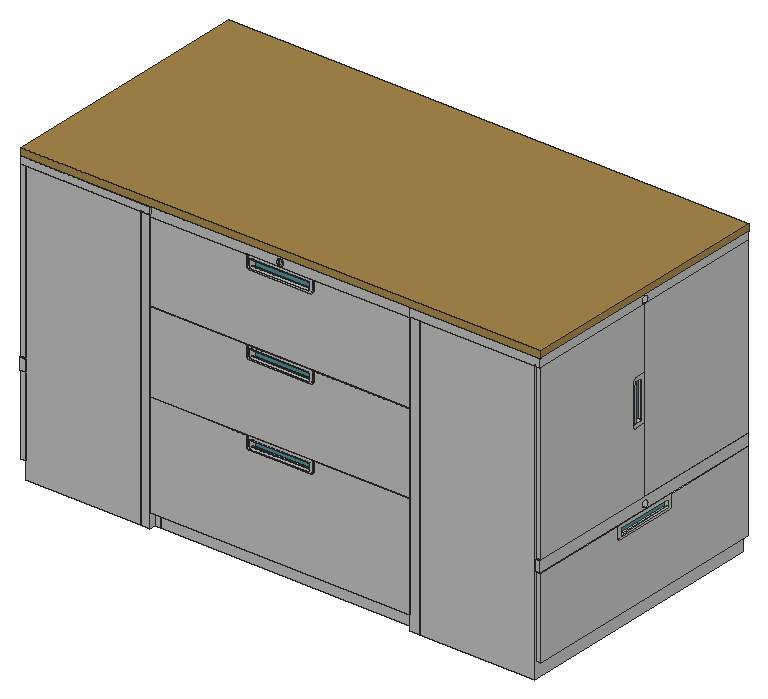
Revit family "Filing_And_Storage-Collaborative_03-Teknion-R2015", category Furniture Systems, Revit 2015
Parameters (values of type "Collaborative 03 - Ledger Plus")
  Warranty = "http://www.teknion.com/ca/papers/legal-canada"
  Unit Weight URL = "http://www.teknion.com/ca/tools/assets#&asset=bee6a381-b954-425e-8283-5a2de3a804f2,f828d448-4b62-4231-9e5f-9a8991c0ed77"
  URL = "www.teknion.com"
  Sustainability Data = "http://www.teknion.com/ca/tools/assets#&topic=216f99a5-57a0-44fc-b10a-9dee9b29ae4c&asset=444deb64-fe58-4b68-981e-f75e97781df7"
  Storage Top Finish [instance] = Foundation Laminate - Teknion - YA - Anigre
  Series = "Ledger Plus"  # constant formula
  Product Page URL = "http://teknionplanningtool.com/#?Collaborative-03-LedgerPlus"
  Product Line = "Filing and Storage"  # constant formula
  Model = "Collaborative 03 - Ledger Plus"  # constant formula
  Manufacturer Phone = "416-661-3370"  # constant formula
  Manufacturer Fax = "416.661.4586"  # constant formula
  Manufacturer Contact Information = "http://www.teknion.com/ca/contactus"
  Manufacturer Address = "1150 Flint Road, Toronto, ON. M3J 2J5. Canada"  # constant formula
  Manufacturer = "Teknion"  # constant formula
  Has Interpret Handle Style [instance] = not(Has District Handle Style)  # yes
  Has District Handle Style [instance] = no
  Handle Interior Finish [instance] = Paint - Teknion - Accent - Mineral Teal
  Handle Exterior Finish [instance] = Paint - Teknion - Foundation - Crisp Grey
  Front Finish [instance] = Paint - Teknion - Foundation - Crisp Grey
  Description = "3'-0\" x 6'-0\""
  Case Finish [instance] = Paint - Teknion - Foundation - Crisp Grey
  Assembly Code = "E2020200"
Reference planes (in)
  plane 1 "Center F/B": y = 0
  plane 2: z = 0
  plane 3 "Center L/R": x = 0
  plane 4 "Top": z = 29
Dimensions and locks (in)
  locked: plane 4 "Top" to level at 29
  aligned and locked: level to plane 2
  aligned and locked: nested 5 to plane 1 "Center F/B"
  aligned and locked: nested 1 to plane 1 "Center F/B"
  aligned and locked: plane 3 "Center L/R" to nested 5
  aligned and locked: nested 1 to plane 3 "Center L/R"
  aligned and locked: nested 3 to nested 5
  aligned and locked: nested 3 to plane 1 "Center F/B"
  aligned and locked: nested 2 to nested 1
  aligned and locked: plane 1 "Center F/B" to nested 2
  aligned and locked: plane 1 "Center F/B" to nested 4
  aligned and locked: plane 3 "Center L/R" to nested 4
Nested families (in)
  nested 1: "Storage-Teknion-PLDBS_Bar_Height_Drawer_Cabinet_Standard-R2015" at (0, 9, 0) x (-1, 0, 0) z (0, 0, 1), Front Finish <- "Front Finish", Has District Handle Style <- "Has District Handle Style", type "Bar Height Drawer Cabinet - Standard"
    with Width 36.000", Top of Top Drawer 11.079", Top of Middle Drawer 11.079", Top of Bottom Drawer 14.279", Lock Finish Stainless Steel, Polished, Has Interpret Handle Style yes, Has District Handle Style no, Handle Interior Finish Paint - Teknion - Accent - Mineral Teal, Handle Exterior Finish Paint - Teknion - Foundation - Crisp Grey, Front Finish Paint - Teknion - Foundation - Crisp Grey, Drawer Combination Choice yes, Drawer Combination "File/File/Extra Large File", District Cutout 7.000", Depth 18.000", Case Finish Paint - Teknion - Foundation - Crisp Grey, Bottom of Top Drawer 0.121", Bottom of Middle Drawer 0.121", Bottom of Bottom Drawer 2.058", Available Widths "24, 30 ,36 , & 42 Inches", Available Depths "18, & 20 Inches"
  nested 2: "Storage-Teknion-PLCS_Combo_Cabinet_Standard-R2015" at (-27, 0, 0) x (0, 1, 0) z (0, 0, 1), Case Finish <- "Case Finish", Front Finish <- "Front Finish", Has District Handle Style <- "Has District Handle Style", type "Freestanding Three- High"
    with Width 36.000", Top Interpret Handle Datum 24.3185", Top District Handle Datum 23.600", Interpret Handle Cutout 2 1.000", Interpret Handle Cutout 12.000", Interpret Bottom Handle no, Has Interpret Handle Style yes, Has District Handle Style no, Handle Interior Finish Paint - Teknion - Accent - Mineral Teal, Handle Exterior Finish Paint - Teknion - Foundation - Crisp Grey, Front Finish Paint - Teknion - Foundation - Crisp Grey, Drawer Split Length 10.000", Drawer Combination Choice yes, Drawer Combination "File", District Bottom Handle no, Depth 18.000", Combination Divider Height 14.956", Case Finish Paint - Teknion - Foundation - Crisp Grey, Available Widths "24, 30, 36, & 42 Inches.", Available Drawer Combination "[checked]=File [un-checked]= Extra Large File", Available Depths "18 & 20 Inches."
  nested 3: "Storage-Teknion-PLCS_Combo_Cabinet_Standard-R2015" at (27, 0, 0) x (0, 1, 0) z (0, 0, 1), Case Finish <- "Case Finish", Front Finish <- "Front Finish", Has District Handle Style <- "Has District Handle Style", type "Freestanding Three- High"
    with Width 36.000", Top Interpret Handle Datum 24.3185", Top District Handle Datum 23.600", Interpret Handle Cutout 2 1.000", Interpret Handle Cutout 12.000", Interpret Bottom Handle no, Has Interpret Handle Style yes, Has District Handle Style no, Handle Interior Finish Paint - Teknion - Accent - Mineral Teal, Handle Exterior Finish Paint - Teknion - Foundation - Crisp Grey, Front Finish Paint - Teknion - Foundation - Crisp Grey, Drawer Split Length 10.000", Drawer Combination Choice yes, Drawer Combination "File", District Bottom Handle no, Depth 18.000", Combination Divider Height 14.956", Case Finish Paint - Teknion - Foundation - Crisp Grey, Available Widths "24, 30, 36, & 42 Inches.", Available Drawer Combination "[checked]=File [un-checked]= Extra Large File", Available Depths "18 & 20 Inches."
  nested 4: "Storage_Top-Teknion-PLST__For_Clusters_With_Or_Without_End_Units-R2015" at (0, 0, 40), Table Top Finish <- "Storage Top Finish", type "2 Back to Back Units With 2 End Units"
    with Width 72.000", Table Top Finish Foundation Laminate - Teknion - YA - Anigre, Depth 36.000", Available Widths "60, 64, 66, 70, 72, 76, 78, 82 inches", Available Depths "36, 40 inches"
  nested 5: "Storage-Teknion-PLDBS_Bar_Height_Drawer_Cabinet_Standard-R2015" at (0, -9, 0) x (-1, 0, 0) z (0, 0, 1), Front Finish <- "Front Finish", Has District Handle Style <- "Has District Handle Style", type "Bar Height Drawer Cabinet - Standard"
    with Width 36.000", Top of Top Drawer 11.079", Top of Middle Drawer 11.079", Top of Bottom Drawer 14.279", Lock Finish Stainless Steel, Polished, Has Interpret Handle Style yes, Has District Handle Style no, Handle Interior Finish Paint - Teknion - Accent - Mineral Teal, Handle Exterior Finish Paint - Teknion - Foundation - Crisp Grey, Front Finish Paint - Teknion - Foundation - Crisp Grey, Drawer Combination Choice yes, Drawer Combination "File/File/Extra Large File", District Cutout 7.000", Depth 18.000", Case Finish Paint - Teknion - Foundation - Crisp Grey, Bottom of Top Drawer 0.121", Bottom of Middle Drawer 0.121", Bottom of Bottom Drawer 2.058", Available Widths "24, 30 ,36 , & 42 Inches", Available Depths "18, & 20 Inches"
Definition of nested family "Storage-Teknion-PLDBS_Bar_Height_Drawer_Cabinet_Standard-R2015"
  Parameters (values of type "Bar Height Drawer Cabinet - Standard")
    Width [instance] = 42.000"
    Warranty = "http://www.teknion.com/ca/papers/legal-canada"
    Unit Weight URL = "http://www.teknion.com/ca/tools/assets#&asset=bee6a381-b954-425e-8283-5a2de3a804f2,f828d448-4b62-4231-9e5f-9a8991c0ed77"
    URL = "www.teknion.com"
    Top of Top Drawer [instance] = if(Drawer Combination Choice, 11.079", 12.679")  # 12.679"
    Top of Middle Drawer [instance] = if(Drawer Combination Choice, 11.079", 12.679")  # 12.679"
    Top of Bottom Drawer [instance] = if(Drawer Combination Choice, 14.279", 11.079")  # 11.079"
    Sustainability Data = "http://www.teknion.com/ca/tools/assets#&topic=216f99a5-57a0-44fc-b10a-9dee9b29ae4c&asset=444deb64-fe58-4b68-981e-f75e97781df7"
    Series = "Ledger Plus"  # constant formula
    Product Page URL = "http://www.teknion.com/ca/products/product-details?productlineid=1293336e-8e7a-673b-a6c8-ff00004460c4"
    Product Line = "Filing and Storage"
    Product Documentation Link = "http://www.teknion.com/pricing/filing-storage/pdfs/PLDBS_ppg.pdf"
    Part Number = "PLDBS"
    Model = "PLDBS_"
    Manufacturer Phone = "416-661-3370"  # constant formula
    Manufacturer Fax = "416.661.4586"  # constant formula
    Manufacturer Contact Information = "http://www.teknion.com/ca/contactus"
    Manufacturer Address = "1150 Flint Road, Toronto, ON. M3J 2J5. Canada"  # constant formula
    Manufacturer = "Teknion"  # constant formula
    Lock Finish [instance] = none
    Height = 40.000"  # constant formula
    Has Interpret Handle Style [instance] = not(Has District Handle Style)  # no
    Has District Handle Style [instance] = yes
    Handle Interior Finish [instance] = none
    Handle Exterior Finish [instance] = none
    Front Finish [instance] = none
    Drawer Combination Choice [instance] = no
    Drawer Combination [instance] = if(Drawer Combination Choice, "File/File/Extra Large File", "Large File/Large File/File")  # "Large File/Large File/File"
    District Cutout [instance] = if(Has Interpret Handle Style, 7.000", 1.000")  # 1.000"
    Description = "Bar Height Drawer Cabinet - 40\" High"
    Depth [instance] = 20.000"
    Case Finish [instance] = none
    Bottom of Top Drawer [instance] = if(Drawer Combination Choice, 0.121", 0.121")  # 0.121"
    Bottom of Middle Drawer [instance] = if(Drawer Combination Choice, 0.121", 0.121")  # 0.121"
    Bottom of Bottom Drawer [instance] = if(Drawer Combination Choice, 2.058", 1.982")  # 1.982"
    Available Widths [instance] = "24, 30 ,36 , & 42 Inches"  # constant formula
    Available Drawer Combination = "[checked]= File/File/Extra Large File [unchecked]= Large File/Large File/ File"  # constant formula
    Available Depths [instance] = "18, & 20 Inches"  # constant formula
    Assembly Code = "E2020200"
  Reference planes (in)
    plane 1 "Center Front/Back": y = 0
    plane 2: z = 0
    plane 3 "Center Left/Right": x = 0
    plane 4 "Left": x = -21
    plane 5 "Right": x = 21
    plane 6 "Back": y = 10
    plane 7 "Front": y = -10
    plane 8 "Top": z = 40
    plane 9 "Left Inner": x = -20.25
    plane 10 "Right Inner": x = 20.25
    plane 11 "Top Underside": z = 38.76
    plane 12 "Drawer back": y = -9.25
    plane 13 "Case Front": y = -9.195
    plane 14 "Bottom Base": z = 1.806
    plane 15: y = 9.25
    plane 16: y = 8.73
    plane 17 "bottom of bottom": z = 1.982
    plane 18 "top of bottom": z = 13.061
    plane 19 "bottom of middle": z = 13.182
    plane 20 "top of middle": z = 25.861
    plane 21 "bottom of top": z = 25.982
    plane 22 "top of top": z = 38.661
    plane 23 "Cutout": y = -15
  Forms (in)
    Extrusion 1, solid, material <- "Case Finish"
      sketch origin (0, 0, 38.76) x (-1, 0, 0) y (0, -1, 0)
        loop
          line (21, -10) -> (21, 10) -> (-21, 10) -> (-21, -10) -> (21, -10)
      from 0 to 1.24
    Extrusion 2, solid, material <- "Case Finish"
      sketch origin (0, 0, 1.806) x (-1, 0, 0) y (0, -1, 0)
        loop
          line (20.25, -9.25) -> (20.25, 9.195) -> (-20.25, 9.195) -> (-20.25, -9.25) -> (20.25, -9.25)
      from 0 to 0.75
    Extrusion 3, solid, material <- "Case Finish"
      sketch origin (0, 0, 0) x (1, 0, 0) y (0, 1, 0)
        loop
          line (-21, 10) -> (-21, 8.73) -> (-20.25, 8.73) -> (-20.25, 9.25) -> (20.25, 9.25) -> (20.25, 8.73) -> (21, 8.73) -> (21, 10) -> (-21, 10)
      from 0 to 38.76
    Extrusion 4, solid, material <- "Case Finish"
      sketch origin (0, 0, 0) x (1, 0, 0) y (0, 1, 0)
        loop
          line (-21, 8.73) -> (-21, -9.195) -> (-20.25, -9.195) -> (-20.25, 8.73) -> (-21, 8.73)
      from 0 to 38.76
    Extrusion 5, solid, material <- "Case Finish"
      sketch origin (0, 0, 0) x (1, 0, 0) y (0, 1, 0)
        loop
          line (20.25, 8.73) -> (20.25, -9.195) -> (21, -9.195) -> (21, 8.73) -> (20.25, 8.73)
      from 0 to 38.76
    Extrusion 6, solid, material <- "Front Finish"
      sketch origin (0, 0, 1.982) x (-1, 0, 0) y (0, -1, 0)
        loop
          line (20.9375, 9.25) -> (20.9375, 10) -> (-20.9375, 10) -> (-20.9375, 9.25) -> (20.9375, 9.25)
      from 0 to 11.079
    Extrusion 7, solid, material <- "Front Finish"
      sketch origin (0, 0, 25.982) x (-1, 0, 0) y (0, -1, 0)
        loop
          line (20.9375, 9.25) -> (20.9375, 10) -> (-20.9375, 10) -> (-20.9375, 9.25) -> (20.9375, 9.25)
      from 12.679 to 0
    Extrusion 8, solid, material <- "Front Finish"
      sketch origin (0, 0, 13.182) x (-1, 0, 0) y (0, -1, 0)
        loop
          line (20.9375, 9.25) -> (20.9375, 10) -> (-20.9375, 10) -> (-20.9375, 9.25) -> (20.9375, 9.25)
      from 0 to 12.679
    Extrusion 9, solid, material <- "Handle Exterior Finish", visible <- "Has District Handle Style"
      sketch origin (0, 0, 0) x (0, 1, 0) y (0, 0, 1)
        loop
          line (-10, 38.22799) -> (-10, 38.661) -> (-10.86603, 38.161) -> (-10.67853, 37.83624)
          arc (-10.67853, 37.83624) -> (-10.34625, 37.93564) -> (-10, 37.91579) r 1.00175
          line (-10, 37.91579) -> (-10, 38.22799)
      from -4.8425 to 4.8425
    Extrusion 10, solid, material <- "Handle Exterior Finish", visible <- "Has District Handle Style"
      sketch origin (0, 0, 0) x (0, 1, 0) y (0, 0, 1)
        loop
          line (-10, 25.42799) -> (-10, 25.861) -> (-10.86603, 25.361) -> (-10.67853, 25.03624)
          arc (-10.67853, 25.03624) -> (-10.34625, 25.13564) -> (-10, 25.11579) r 1.00175
          line (-10, 25.11579) -> (-10, 25.42799)
      from -4.8425 to 4.8425
    Extrusion 11, solid, material <- "Handle Exterior Finish", visible <- "Has District Handle Style"
      sketch origin (0, 0, 0) x (0, 1, 0) y (0, 0, 1)
        loop
          line (-10, 12.62799) -> (-10, 13.061) -> (-10.86603, 12.561) -> (-10.67853, 12.23624)
          arc (-10.67853, 12.23624) -> (-10.34625, 12.33564) -> (-10, 12.31579) r 1.00175
          line (-10, 12.31579) -> (-10, 12.62799)
      from -4.8425 to 4.8425
    Extrusion 12, solid, material <- "Case Finish"
      sketch origin (0, 0, 0) x (1, 0, 0) y (0, 1, 0)
        loop
          line (-20.25, -9.195) -> (20.25, -9.195) -> (20.25, -8.445) -> (-20.25, -8.445) -> (-20.25, -9.195)
      from 0 to 1.806
    Extrusion 13, void
      sketch origin (0, -15, 0) x (-1, 0, 0) y (0, 0, 1)
        loop
          line (4.515, 38.661) -> (-4.515, 38.661) -> (-4.515, 37.246)
          arc (-4.515, 37.246) -> (-4.45642, 37.10458) -> (-4.315, 37.046) r 0.2
          line (-4.315, 37.046) -> (4.315, 37.046)
          arc (4.315, 37.046) -> (4.45642, 37.10458) -> (4.515, 37.246) r 0.2
          line (4.515, 37.246) -> (4.515, 38.661)
      from 0 to 1 <- "District Cutout"
    Extrusion 14, void
      sketch origin (0, -15, 0) x (-1, 0, 0) y (0, 0, 1)
        loop
          line (4.515, 25.861) -> (-4.515, 25.861) -> (-4.515, 24.446)
          arc (-4.515, 24.446) -> (-4.45642, 24.30458) -> (-4.315, 24.246) r 0.2
          line (-4.315, 24.246) -> (4.315, 24.246)
          arc (4.315, 24.246) -> (4.45642, 24.30458) -> (4.515, 24.446) r 0.2
          line (4.515, 24.446) -> (4.515, 25.861)
      from 0 to 1 <- "District Cutout"
    Extrusion 15, void
      sketch origin (0, -15, 0) x (-1, 0, 0) y (0, 0, 1)
        loop
          line (4.515, 13.061) -> (-4.515, 13.061) -> (-4.515, 11.646)
          arc (-4.515, 11.646) -> (-4.45642, 11.50458) -> (-4.315, 11.446) r 0.2
          line (-4.315, 11.446) -> (4.315, 11.446)
          arc (4.315, 11.446) -> (4.45642, 11.50458) -> (4.515, 11.646) r 0.2
          line (4.515, 11.646) -> (4.515, 13.061)
      from 0 to 1 <- "District Cutout"
    Extrusion 16, solid, material <- "Lock Finish"
      sketch origin (0, -10, 0) x (-1, 0, 0) y (0, 0, -1)
        loop
          circle (0, -39.38) r 0.4
        loop
          line (0.06269, -39.60017) -> (0.06269, -39.15983) -> (-0.06269, -39.15983) -> (-0.06269, -39.60017) -> (0.06269, -39.60017)
      from 0.1 to 0
    Extrusion 17, solid, material <- "Handle Exterior Finish", visible <- "Has Interpret Handle Style"
      sketch origin (0, -10, 0) x (-1, 0, 0) y (0, 0, -1)
        loop
          arc (4.618, -37.35393) -> (4.50265, -37.07545) -> (4.22417, -36.9601) r 0.39383
          line (4.22417, -36.9601) -> (-4.12448, -36.9601)
          arc (-4.12448, -36.9601) -> (-4.47345, -37.10465) -> (-4.618, -37.45362) r 0.49352
          line (-4.618, -37.45362) -> (-4.618, -38.7096) -> (4.618, -38.7096) -> (4.618, -37.35393)
      from 0 to 0.044
    Extrusion 18, solid, material <- "Handle Exterior Finish", visible <- "Has Interpret Handle Style"
      sketch origin (0, -10, 0) x (-1, 0, 0) y (0, 0, -1)
        loop
          arc (4.618, -24.55393) -> (4.50265, -24.27545) -> (4.22417, -24.1601) r 0.39383
          line (4.22417, -24.1601) -> (-4.12448, -24.1601)
          arc (-4.12448, -24.1601) -> (-4.47345, -24.30465) -> (-4.618, -24.65362) r 0.49352
          line (-4.618, -24.65362) -> (-4.618, -25.9096) -> (4.618, -25.9096) -> (4.618, -24.55393)
      from 0 to 0.044
    Extrusion 19, solid, material <- "Handle Exterior Finish", visible <- "Has Interpret Handle Style"
      sketch origin (0.01263, -10, 0) x (-1, 0, 0) y (0, 0, -1)
        loop
          arc (4.63063, -11.75393) -> (4.51528, -11.47545) -> (4.2368, -11.3601) r 0.39383
          line (4.2368, -11.3601) -> (-4.11185, -11.3601)
          arc (-4.11185, -11.3601) -> (-4.46082, -11.50465) -> (-4.60537, -11.85362) r 0.49352
          line (-4.60537, -11.85362) -> (-4.60537, -13.1096) -> (4.63063, -13.1096) -> (4.63063, -11.75393)
      from 0 to 0.044
    Extrusion 20, solid, material <- "Handle Exterior Finish", visible <- "Has Interpret Handle Style"
      sketch origin (0, -10, 0) x (-1, 0, 0) y (0, 0, -1)
        loop
          line (4.5315, -38.661) -> (4.5315, -37.5135)
          arc (4.5315, -37.5135) -> (4.39457, -37.18293) -> (4.064, -37.046) r 0.4675
          line (4.064, -37.046) -> (-4.064, -37.046)
          arc (-4.064, -37.046) -> (-4.39457, -37.18293) -> (-4.5315, -37.5135) r 0.4675
          line (-4.5315, -37.5135) -> (-4.5315, -38.661) -> (-4.618, -38.661) -> (-4.618, -38.7096) -> (4.618, -38.7096) -> (4.618, -38.661) -> (4.5315, -38.661)
      from 0 to -0.75
    Extrusion 21, solid, material <- "Handle Exterior Finish", visible <- "Has Interpret Handle Style"
      sketch origin (0, -10, 0) x (-1, 0, 0) y (0, 0, -1)
        loop
          line (4.5315, -25.861) -> (4.5315, -24.7135)
          arc (4.5315, -24.7135) -> (4.39457, -24.38293) -> (4.064, -24.246) r 0.4675
          line (4.064, -24.246) -> (-4.064, -24.246)
          arc (-4.064, -24.246) -> (-4.39457, -24.38293) -> (-4.5315, -24.7135) r 0.4675
          line (-4.5315, -24.7135) -> (-4.5315, -25.861) -> (-4.618, -25.861) -> (-4.618, -25.9096) -> (4.618, -25.9096) -> (4.618, -25.861) -> (4.5315, -25.861)
      from 0 to -0.75
    Extrusion 22, solid, material <- "Handle Exterior Finish", visible <- "Has Interpret Handle Style"
      sketch origin (0.07513, -10, 0) x (-1, 0, 0) y (0, 0, -1)
        loop
          line (4.60663, -13.061) -> (4.60663, -11.9135)
          arc (4.60663, -11.9135) -> (4.4697, -11.58293) -> (4.13914, -11.446) r 0.4675
          line (4.13914, -11.446) -> (-3.98887, -11.446)
          arc (-3.98887, -11.446) -> (-4.31944, -11.58293) -> (-4.45637, -11.9135) r 0.4675
          line (-4.45637, -11.9135) -> (-4.45637, -13.061) -> (-4.54287, -13.061) -> (-4.54287, -13.1096) -> (4.69313, -13.1096) -> (4.69313, -13.061) -> (4.60663, -13.061)
      from 0 to -0.75
    Extrusion 23, void
      sketch origin (0, 0, 0) x (0, 1, 0) y (0, 0, 1)
        loop
          line (-10.044, 37.05743) -> (-9.94181, 37.39503) -> (-9.91434, 37.42866) -> (-9.8833, 37.42472) -> (-9.85079, 37.37697) -> (-9.83665, 37.3436) -> (-9.79356, 37.29987) -> (-9.73867, 37.25897) -> (-9.66568, 37.2233) -> (-9.59017, 37.2017) -> (-9.54276, 37.19801) -> (-9.3409, 37.19589) -> (-9.3409, 38.5242) -> (-9.56257, 38.52149) -> (-9.69401, 38.48491) -> (-9.78341, 38.42854) -> (-9.82935, 38.38649) -> (-9.84769, 38.35404) -> (-9.85605, 38.31657) -> (-9.89655, 38.29306) -> (-10.01601, 38.2941)
          arc (-10.01601, 38.2941) -> (-10.03511, 38.29663) -> (-10.044, 38.31371) r 0.02086
          line (-10.044, 38.31371) -> (-10.044, 37.05743)
      from -4.1195 to 4.1195
    Extrusion 24, void
      sketch origin (0, 0, 0) x (0, 1, 0) y (0, 0, 1)
        loop
          line (-10.044, 24.25743) -> (-9.94181, 24.59503) -> (-9.91434, 24.62866) -> (-9.8833, 24.62472) -> (-9.85079, 24.57697) -> (-9.83665, 24.5436) -> (-9.79356, 24.49987) -> (-9.73867, 24.45897) -> (-9.66568, 24.4233) -> (-9.59017, 24.4017) -> (-9.54276, 24.39801) -> (-9.3409, 24.39589) -> (-9.3409, 25.7242) -> (-9.56257, 25.72149) -> (-9.69401, 25.68491) -> (-9.78341, 25.62854) -> (-9.82935, 25.58649) -> (-9.84769, 25.55404) -> (-9.85605, 25.51657) -> (-9.89655, 25.49306) -> (-10.01601, 25.4941)
          arc (-10.01601, 25.4941) -> (-10.03511, 25.49663) -> (-10.044, 25.51371) r 0.02086
          line (-10.044, 25.51371) -> (-10.044, 24.25743)
      from -4.1195 to 4.1195
    Extrusion 25, void
      sketch origin (0, 0, 0) x (0, 1, 0) y (0, 0, 1)
        loop
          line (-10.044, 11.45743) -> (-9.94181, 11.79503) -> (-9.91434, 11.82866) -> (-9.8833, 11.82472) -> (-9.85079, 11.77697) -> (-9.83665, 11.7436) -> (-9.79356, 11.69987) -> (-9.73867, 11.65897) -> (-9.66568, 11.6233) -> (-9.59017, 11.6017) -> (-9.54276, 11.59801) -> (-9.3409, 11.59589) -> (-9.3409, 12.9242) -> (-9.56257, 12.92149) -> (-9.69401, 12.88491) -> (-9.78341, 12.82854) -> (-9.82935, 12.78649) -> (-9.84769, 12.75404) -> (-9.85605, 12.71657) -> (-9.89655, 12.69306) -> (-10.01601, 12.6941)
          arc (-10.01601, 12.6941) -> (-10.03511, 12.69663) -> (-10.044, 12.71371) r 0.02086
          line (-10.044, 12.71371) -> (-10.044, 11.45743)
      from -4.1195 to 4.1195
  Cuts and joins
    Extrusion 13 cuts Extrusion 7
    Extrusion 14 cuts Extrusion 8
    Extrusion 15 cuts Extrusion 6
    Extrusion 23 cuts Extrusion 17
    Extrusion 23 cuts Extrusion 20
    joined: Extrusion 17, Extrusion 20
    Extrusion 24 cuts Extrusion 18
    Extrusion 24 cuts Extrusion 21
    joined: Extrusion 18, Extrusion 21
    Extrusion 25 cuts Extrusion 19
    Extrusion 25 cuts Extrusion 22
    joined: Extrusion 19, Extrusion 22
  Lines and regions (in)
    Masking region 1
      outline origin (0, 0, 0) x (1, 0, 0) y (0, 1, 0)
        loop
          line (-21, 10) -> (-21, -10) -> (21, -10) -> (21, 10) -> (-21, 10)
    Masking region 2, visible <- "Has Interpret Handle Style"
      outline origin (0, 0, 0) x (1, 0, 0) y (0, 1, 0)
        loop
          line (-4.618, -10.044) -> (4.66784, -10.044) -> (4.66784, -10) -> (-4.618, -10) -> (-4.618, -10.044)
    Masking region 3, visible <- "Has District Handle Style"
      outline origin (0, 0, 0) x (1, 0, 0) y (0, 1, 0)
        loop
          line (-4.8425, -10) -> (-4.8425, -10.86603) -> (4.8425, -10.86603) -> (4.8425, -10) -> (-4.8425, -10)
    Masking region 4
      outline origin (0, 0, 0) x (1, 0, 0) y (0, 1, 0)
        loop
          line (-0.40074, -10) -> (-0.40074, -10.1) -> (0.39926, -10.1) -> (0.39926, -10) -> (-0.40074, -10)
    symbolic lines, detail levels medium+fine
      curve 1: line (-20.9375, -10, 0) -> (-20.9375, -9.25, 0)
      curve 2: line (-20.9375, -9.25, 0) -> (20.9375, -9.25, 0)
      curve 3: line (20.9375, -9.25, 0) -> (20.9375, -10, 0)
      curve 4: line (20.25, -9.195, 0) -> (20.25, 9.25, 0)
      curve 5: line (20.25, 9.25, 0) -> (-20.25, 9.25, 0)
      curve 6: line (-20.25, 9.25, 0) -> (-20.25, -9.195, 0)
      curve 7: line (-20.25, -8.445, 0) -> (20.25, -8.445, 0)
      curve 8: line (-21, 8.73, 0) -> (-20.25, 8.73, 0)
      curve 9: line (20.25, 8.73, 0) -> (21, 8.73, 0)
    symbolic lines, visible <- "Has Interpret Handle Style", detail levels medium+fine
      curve 10: line (-4.618, -9.25, 0) -> (-4.618, -10, 0)
      curve 11: line (4.618, -9.25, 0) -> (4.618, -10, 0)
    symbolic lines
      curve 12: line (-0.40074, -10, 0) -> (-0.40074, -10.1, 0)
      curve 13: line (-0.40074, -10.1, 0) -> (0.39926, -10.1, 0)
      curve 14: line (0.39926, -10.1, 0) -> (0.39926, -10, 0)
    symbolic lines, visible <- "Has Interpret Handle Style", detail levels fine
      curve 15: line (-4.1195, -10.044, 0) -> (-4.1195, -9.3409, 0)
      curve 16: line (-4.1195, -9.3409, 0) -> (4.1195, -9.3409, 0)
      curve 17: line (4.1195, -9.3409, 0) -> (4.1195, -10.044, 0)
    reference lines, not visible
      curve 18: line (-21, 10, 0) -> (21, 10, 0)
      curve 19: line (21, 10, 0) -> (21, -10, 0)
      curve 20: line (21, -10, 0) -> (-21, -10, 0)
      curve 21: line (-21, 10, 0) -> (-21, -10, 0)
  Dimensions and locks (in)
    "Width": plane 4 "Left" to plane 5 "Right"
    "Depth": plane 6 "Back" to plane 7 "Front"
    "Height": plane 8 "Top" to level
    equal spacing: plane 6 "Back", plane 1 "Center Front/Back", plane 7 "Front"
    equal spacing: plane 4 "Left", plane 3 "Center Left/Right", plane 5 "Right"
    locked: plane 9 "Left Inner" to plane 4 "Left" at 0.75
    locked: plane 5 "Right" to plane 10 "Right Inner" at 0.75
    locked: plane 8 "Top" to plane 11 "Top Underside" at 1.24
    locked: plane 7 "Front" to plane 12 "Drawer back" at 0.75
    locked: plane 13 "Case Front" to plane 12 "Drawer back" at 0.055
    plane 14 "Bottom Base" to level = 1.806"
    locked: plane 6 "Back" to plane 16 at 1.27
    locked: plane 6 "Back" to plane 15 at 0.75
    "Bottom of Bottom Drawer": plane 17 "bottom of bottom" to level
    "Top of Bottom Drawer": plane 18 "top of bottom" to plane 17 "bottom of bottom"
    "Bottom of Middle Drawer": plane 19 "bottom of middle" to plane 18 "top of bottom"
    "Top of Middle Drawer": plane 20 "top of middle" to plane 19 "bottom of middle"
    "Bottom of Top Drawer": plane 21 "bottom of top" to plane 20 "top of middle"
    "Top of Top Drawer": plane 22 "top of top" to plane 21 "bottom of top"
    plane 4 "Left" to Extrusion 6 sketch curve = 0.0625"
    locked: Extrusion 6 sketch curve to plane 5 "Right" at 0.0625
    locked: Extrusion 9 sketch curve to plane 7 "Front" at 0
    locked: Extrusion 9 sketch curve to plane 22 "top of top" at 0
    locked: Extrusion 10 sketch curve to plane 7 "Front" at 0
    locked: Extrusion 10 sketch curve to plane 20 "top of middle" at 0
    locked: Extrusion 11 sketch curve to plane 7 "Front" at 0
    locked: Extrusion 11 sketch curve to plane 18 "top of bottom" at 0
    locked: Extrusion 12 sketch curve to plane 13 "Case Front" at 0.75
    locked: plane 23 "Cutout" to Extrusion 8 at 5
    locked: Extrusion 13 sketch curve to Extrusion 13 sketch curve at 9.03
    locked: Extrusion 13 sketch curve to Extrusion 13 sketch curve at 1.615
    locked: Extrusion 14 sketch curve to Extrusion 14 sketch curve at 9.03
    locked: Extrusion 14 sketch curve to Extrusion 14 sketch curve at 1.615
    locked: Extrusion 15 sketch curve to Extrusion 15 sketch curve at 9.03
    locked: Extrusion 15 sketch curve to Extrusion 15 sketch curve at 1.615
    locked: Extrusion 13 sketch curve to plane 22 "top of top" at 0
    locked: Extrusion 14 sketch curve to plane 20 "top of middle" at 0
    locked: Extrusion 15 sketch curve to plane 18 "top of bottom" at 0
    locked: Extrusion 17 sketch curve to Extrusion 17 sketch curve at 9.236
    locked: Extrusion 17 sketch curve to Extrusion 17 sketch curve at 1.7495
    locked: Extrusion 18 sketch curve to Extrusion 18 sketch curve at 9.236
    locked: Extrusion 18 sketch curve to Extrusion 18 sketch curve at 1.7495
    locked: Extrusion 19 sketch curve to Extrusion 19 sketch curve at 1.7495
    locked: Extrusion 17 sketch curve to plane 22 "top of top" at 0.0486
    locked: Extrusion 18 sketch curve to plane 20 "top of middle" at 0.0486
    locked: Extrusion 19 sketch curve to plane 18 "top of bottom" at 0.0486
    locked: Extrusion 20 sketch curve to plane 22 "top of top" at 0.0486
    locked: Extrusion 18 to plane 20 "top of middle" at 0.0486
    locked: Extrusion 19 to plane 18 "top of bottom" at 0.0486
    locked: plane 22 "top of top" to Extrusion 23 sketch curve at 0.1368
    locked: plane 12 "Drawer back" to Extrusion 23 sketch curve at 0.0909
    locked: cut or joined group of Extrusion 8, Extrusion 14 to Extrusion 24 sketch curve at 0.1368
    locked: plane 12 "Drawer back" to Extrusion 24 sketch curve at 0.0909
    locked: cut or joined group of Extrusion 6, Extrusion 15 to Extrusion 25 sketch curve at 0.1368
    locked: plane 12 "Drawer back" to Extrusion 25 sketch curve at 0.0909
    locked: Extrusion 2 to plane 14 "Bottom Base" at 0.75
    locked: Extrusion 2 to plane 17 "bottom of bottom" at 0.574
    Extrusion 10 to plane 3 "Center Left/Right" to Extrusion 10 = 4.8425" locked, 4.8425" locked
    Extrusion 9 to plane 3 "Center Left/Right" to Extrusion 9 = 4.8425" locked, 4.8425" locked
    Extrusion 11 to plane 3 "Center Left/Right" to Extrusion 11 = 4.8425" locked, 4.8425" locked
    locked: Extrusion 10 sketch curve to Extrusion 10 sketch curve at 1
    locked: Extrusion 10 sketch curve to Extrusion 10 sketch curve at 0.375
    locked: Extrusion 10 sketch curve to Extrusion 10 sketch curve at 0.74521
    locked: Extrusion 9 sketch curve to Extrusion 9 sketch curve at 1
    locked: Extrusion 9 sketch curve to Extrusion 9 sketch curve at 0.375
    locked: Extrusion 9 sketch curve to Extrusion 9 sketch curve at 0.74521
    locked: Extrusion 11 sketch curve to Extrusion 11 sketch curve at 1
    locked: Extrusion 11 sketch curve to Extrusion 11 sketch curve at 0.375
    locked: Extrusion 11 sketch curve to Extrusion 11 sketch curve at 0.74521
    equal spacing: Extrusion 19 sketch curve, plane 3 "Center Left/Right", Extrusion 19 sketch curve
    locked: Extrusion 19 sketch curve to Extrusion 19 sketch curve at 9.236
    equal spacing: Extrusion 15 sketch curve, plane 3 "Center Left/Right", Extrusion 15 sketch curve
    locked: Extrusion 22 sketch curve to Extrusion 22 sketch curve at 1.6636
    equal spacing: Extrusion 22 sketch curve, plane 3 "Center Left/Right", Extrusion 22 sketch curve  (x2)
    locked: Extrusion 22 sketch curve to Extrusion 22 sketch curve at 9.063
    locked: Extrusion 22 sketch curve to plane 18 "top of bottom" at 0.0486
    locked: Extrusion 22 sketch curve to Extrusion 22 sketch curve at 9.236
    equal spacing: Extrusion 18 sketch curve, plane 3 "Center Left/Right", Extrusion 18 sketch curve
    equal spacing: Extrusion 14 sketch curve, plane 3 "Center Left/Right", Extrusion 14 sketch curve
    equal spacing: Extrusion 21 sketch curve, plane 3 "Center Left/Right", Extrusion 21 sketch curve  (x2)
    locked: Extrusion 21 sketch curve to Extrusion 21 sketch curve at 9.063
    locked: Extrusion 21 sketch curve to Extrusion 21 sketch curve at 9.236
    locked: Extrusion 21 sketch curve to Extrusion 21 sketch curve at 1.6636
    Extrusion 16 sketch curve to Extrusion 16 sketch curve to Extrusion 16 sketch curve = 0.22017" locked, 0.22017" locked
    Extrusion 16 sketch curve to Extrusion 16 sketch curve to Extrusion 16 sketch curve = 0.06269" locked, 0.06269" locked
    equal spacing: plane 8 "Top", Extrusion 16 sketch curve, plane 11 "Top Underside", locked at 0.62 each
    locked: plane 3 "Center Left/Right" to Extrusion 16 sketch curve at 0
    locked: plane 7 "Front" to Extrusion 16 at 0.1
    locked: plane 12 "Drawer back" to Extrusion 16 at 0.85
    radius of Extrusion 10 sketch curve = 1.00175"
    radius of Extrusion 9 sketch curve = 1.00175"
    aligned and locked: level to plane 2
    aligned and locked: plane 5 "Right" to Extrusion 1 sketch curve
    aligned and locked: Extrusion 1 sketch curve to plane 6 "Back"
    aligned and locked: plane 4 "Left" to Extrusion 1 sketch curve
    aligned and locked: Extrusion 1 sketch curve to plane 7 "Front"
    aligned and locked: plane 8 "Top" to Extrusion 1
    aligned and locked: Extrusion 2 sketch curve to plane 15
    aligned and locked: plane 9 "Left Inner" to Extrusion 2 sketch curve
    aligned and locked: plane 13 "Case Front" to Extrusion 2 sketch curve
    aligned and locked: Extrusion 2 sketch curve to plane 10 "Right Inner"
    aligned and locked: Extrusion 3 sketch curve to plane 4 "Left"
    aligned and locked: Extrusion 3 sketch curve to plane 16  (x2)
    aligned and locked: plane 9 "Left Inner" to Extrusion 3 sketch curve
    aligned and locked: Extrusion 3 sketch curve to plane 15
    aligned and locked: Extrusion 3 sketch curve to plane 10 "Right Inner"
    aligned and locked: Extrusion 3 sketch curve to plane 5 "Right"
    aligned and locked: plane 6 "Back" to Extrusion 3 sketch curve
    aligned and locked: plane 11 "Top Underside" to Extrusion 3
    aligned and locked: plane 4 "Left" to Extrusion 4 sketch curve
    aligned and locked: Extrusion 4 sketch curve to plane 9 "Left Inner"
    aligned and locked: plane 13 "Case Front" to Extrusion 4 sketch curve
    aligned and locked: Extrusion 4 sketch curve to plane 16
    aligned and locked: Extrusion 5 sketch curve to plane 16
    aligned and locked: plane 10 "Right Inner" to Extrusion 5 sketch curve
    aligned and locked: plane 13 "Case Front" to Extrusion 5 sketch curve
    aligned and locked: plane 5 "Right" to Extrusion 5 sketch curve
    aligned and locked: plane 11 "Top Underside" to Extrusion 4
    aligned and locked: plane 11 "Top Underside" to Extrusion 5
    aligned and locked: Extrusion 6 sketch curve to plane 12 "Drawer back"
    aligned and locked: Extrusion 6 sketch curve to plane 7 "Front"
    aligned and locked: plane 18 "top of bottom" to Extrusion 6
    aligned and locked: Extrusion 7 sketch curve to plane 12 "Drawer back"
    aligned and locked: Extrusion 7 sketch curve to Extrusion 6  (x2)
    aligned and locked: Extrusion 7 sketch curve to plane 7 "Front"
    aligned and locked: Extrusion 8 sketch curve to plane 12 "Drawer back"
    aligned and locked: Extrusion 8 sketch curve to Extrusion 7  (x2)
    aligned and locked: Extrusion 8 sketch curve to plane 7 "Front"
    aligned and locked: plane 22 "top of top" to Extrusion 7
    aligned and locked: plane 20 "top of middle" to Extrusion 8
    aligned and locked: Extrusion 12 sketch curve to plane 13 "Case Front"
    aligned and locked: Extrusion 12 sketch curve to plane 9 "Left Inner"
    aligned and locked: plane 10 "Right Inner" to Extrusion 12 sketch curve
    aligned and locked: plane 14 "Bottom Base" to Extrusion 12
    aligned and locked: plane 12 "Drawer back" to Extrusion 21
    aligned and locked: plane 12 "Drawer back" to Extrusion 20
    aligned and locked: plane 12 "Drawer back" to Extrusion 22
    aligned and locked: Masking region 3 sketch curve to Extrusion 9  (x3)
    aligned and locked: plane 7 "Front" to Masking region 3 sketch curve
    aligned and locked: Masking region 4 sketch curve to Extrusion 16
    aligned and locked: plane 7 "Front" to Masking region 4 sketch curve
    aligned and locked: curve 9 to plane 16
    aligned and locked: plane 10 "Right Inner" to curve 4
    aligned and locked: curve 7 to Extrusion 12
    aligned and locked: curve 6 to plane 9 "Left Inner"
    aligned and locked: curve 8 to plane 16
    aligned and locked: curve 10 to cut or joined group of Extrusion 17, Extrusion 20, Extrusion 23
    aligned and locked: curve 21 to plane 4 "Left"
    aligned and locked: curve 18 to plane 6 "Back"
    aligned and locked: plane 5 "Right" to curve 19
    aligned and locked: curve 20 to plane 7 "Front"
    aligned and locked: Masking region 1 to plane 4 "Left"
    aligned and locked: plane 9 "Left Inner" to Extrusion 4
    aligned and locked: Extrusion 1 to plane 11 "Top Underside"
    aligned and locked: Extrusion 4 to level
    aligned and locked: Extrusion 3 to level
    aligned and locked: Extrusion 3 to Extrusion 1
    aligned and locked: Extrusion 5 to level
    aligned and locked: Extrusion 7 to plane 21 "bottom of top"
    aligned and locked: Extrusion 8 to cut or joined group of Extrusion 18, Extrusion 21, Extrusion 24
    aligned and locked: Extrusion 7 to cut or joined group of Extrusion 17, Extrusion 20, Extrusion 23
    aligned and locked: Extrusion 8 to plane 19 "bottom of middle"
    aligned and locked: Extrusion 6 to plane 17 "bottom of bottom"
    aligned and locked: Extrusion 12 to level
    aligned and locked: Extrusion 2 to plane 14 "Bottom Base"
    aligned and locked: Extrusion 22 sketch curve to plane 18 "top of bottom"
    aligned and locked: Extrusion 21 sketch curve to plane 20 "top of middle"  (x2)
    aligned and locked: Extrusion 16 to plane 7 "Front"
    aligned and locked: curve 17 to cut or joined group of Extrusion 17, Extrusion 20, Extrusion 23
    aligned and locked: curve 15 to cut or joined group of Extrusion 17, Extrusion 20, Extrusion 23
    aligned and locked: curve 16 to cut or joined group of Extrusion 17, Extrusion 20, Extrusion 23
  Automatic sketch dimensions
    Extrusion 3 sketch curve to plane 5 "Right" = 0.000"
    Extrusion 9 sketch curve to Extrusion 9 sketch curve = 0.1875"
    Extrusion 9 sketch curve to Extrusion 9 sketch curve = 0.3122"
    Extrusion 10 sketch curve to Extrusion 10 sketch curve = 0.1875"
    Extrusion 10 sketch curve to Extrusion 10 sketch curve = 0.3122"
    plane 7 "Front" to Extrusion 11 sketch curve = 0.22961"
    Extrusion 11 sketch curve to Extrusion 11 sketch curve = 0.1875"
    Extrusion 11 sketch curve to Extrusion 11 sketch curve = 0.3122"
    plane 3 "Center Left/Right" to Extrusion 13 sketch curve = 4.515"
    Extrusion 13 sketch curve to Extrusion 13 sketch curve = 0.200"  (x2)
    Extrusion 14 sketch curve to Extrusion 14 sketch curve = 0.200"  (x2)
    Extrusion 15 sketch curve to Extrusion 15 sketch curve = 0.200"  (x2)
    Extrusion 17 sketch curve to plane 3 "Center Left/Right" = 4.618"
    Extrusion 17 sketch curve to Extrusion 17 sketch curve = 0.49352"
    Extrusion 17 sketch curve to Extrusion 17 sketch curve = 0.39383"
    Extrusion 18 sketch curve to Extrusion 18 sketch curve = 0.49352"
    Extrusion 18 sketch curve to Extrusion 18 sketch curve = 0.39383"
    Extrusion 19 sketch curve to Extrusion 19 sketch curve = 0.49352"
    Extrusion 19 sketch curve to Extrusion 19 sketch curve = 0.39383"
    plane 22 "top of top" to Extrusion 20 sketch curve = 0.000"  (x2)
    Extrusion 20 sketch curve to plane 3 "Center Left/Right" = 4.618"
    Extrusion 20 sketch curve to Extrusion 20 sketch curve = 0.0865"  (x2)
    Extrusion 20 sketch curve to Extrusion 20 sketch curve = 0.4675"  (x2)
    plane 22 "top of top" to Extrusion 20 sketch curve = 1.1475"
    plane 3 "Center Left/Right" to Extrusion 20 sketch curve = 4.064"
    plane 7 "Front" to Extrusion 23 sketch curve = 0.044"
    Extrusion 23 sketch curve to Extrusion 23 sketch curve = 0.02086"
    plane 7 "Front" to Extrusion 23 sketch curve = 0.01601"
    Extrusion 23 sketch curve to plane 7 "Front" = 0.05819"
    Extrusion 23 sketch curve to Extrusion 23 sketch curve = 0.02746"
    Extrusion 23 sketch curve to plane 7 "Front" = 0.10345"
    Extrusion 23 sketch curve to Extrusion 23 sketch curve = 0.03105"
    Extrusion 23 sketch curve to Extrusion 23 sketch curve = 0.0405"
    Extrusion 23 sketch curve to Extrusion 23 sketch curve = 0.03251"
    Extrusion 23 sketch curve to Extrusion 23 sketch curve = 0.00836"
    Extrusion 23 sketch curve to Extrusion 23 sketch curve = 0.01413"
    Extrusion 23 sketch curve to Extrusion 23 sketch curve = 0.01834"
    Extrusion 23 sketch curve to Extrusion 23 sketch curve = 0.0431"
    Extrusion 23 sketch curve to Extrusion 23 sketch curve = 0.04595"
    Extrusion 23 sketch curve to Extrusion 23 sketch curve = 0.05489"
    Extrusion 23 sketch curve to Extrusion 23 sketch curve = 0.0894"
    Extrusion 23 sketch curve to Extrusion 23 sketch curve = 0.07299"
    Extrusion 23 sketch curve to Extrusion 23 sketch curve = 0.07551"
    Extrusion 23 sketch curve to plane 22 "top of top" = 0.13951"
    Extrusion 23 sketch curve to Extrusion 23 sketch curve = 0.13144"
    Extrusion 23 sketch curve to Extrusion 23 sketch curve = 0.04741"
    Extrusion 23 sketch curve to Extrusion 23 sketch curve = 0.03657"
    Extrusion 23 sketch curve to Extrusion 23 sketch curve = 0.05637"
    Extrusion 23 sketch curve to Extrusion 23 sketch curve = 0.04206"
    Extrusion 23 sketch curve to Extrusion 23 sketch curve = 0.03244"
    Extrusion 23 sketch curve to Extrusion 23 sketch curve = 0.03747"
    Extrusion 23 sketch curve to Extrusion 23 sketch curve = 0.00286"
    Extrusion 23 sketch curve to Extrusion 23 sketch curve = 0.02351"
    Extrusion 23 sketch curve to Extrusion 23 sketch curve = 0.86441"
    Extrusion 23 sketch curve to Extrusion 23 sketch curve = 0.00394"
    Extrusion 23 sketch curve to Extrusion 23 sketch curve = 0.03363"
    Extrusion 23 sketch curve to Extrusion 23 sketch curve = 0.04775"
    Extrusion 23 sketch curve to Extrusion 23 sketch curve = 0.03337"
    Extrusion 23 sketch curve to Extrusion 23 sketch curve = 0.04373"
    Extrusion 23 sketch curve to Extrusion 23 sketch curve = 0.0409"
    Extrusion 23 sketch curve to Extrusion 23 sketch curve = 0.03567"
    Extrusion 23 sketch curve to Extrusion 23 sketch curve = 0.0216"
    Extrusion 23 sketch curve to Extrusion 23 sketch curve = 0.00369"
    Extrusion 23 sketch curve to Extrusion 23 sketch curve = 0.00211"
    Extrusion 23 sketch curve to Extrusion 23 sketch curve = 0.24244"
    plane 7 "Front" to Extrusion 24 sketch curve = 0.044"
    Extrusion 24 sketch curve to Extrusion 24 sketch curve = 0.02086"
    plane 7 "Front" to Extrusion 24 sketch curve = 0.01601"
    Extrusion 24 sketch curve to plane 7 "Front" = 0.05819"
    Extrusion 24 sketch curve to Extrusion 24 sketch curve = 0.02746"
    Extrusion 24 sketch curve to plane 7 "Front" = 0.10345"
    Extrusion 24 sketch curve to Extrusion 24 sketch curve = 0.03105"
    Extrusion 24 sketch curve to Extrusion 24 sketch curve = 0.0405"
    Extrusion 24 sketch curve to Extrusion 24 sketch curve = 0.03251"
    Extrusion 24 sketch curve to Extrusion 24 sketch curve = 0.00836"
    Extrusion 24 sketch curve to Extrusion 24 sketch curve = 0.01413"
    Extrusion 24 sketch curve to Extrusion 24 sketch curve = 0.01834"
    Extrusion 24 sketch curve to Extrusion 24 sketch curve = 0.0431"
    Extrusion 24 sketch curve to Extrusion 24 sketch curve = 0.04595"
    Extrusion 24 sketch curve to Extrusion 24 sketch curve = 0.05489"
    Extrusion 24 sketch curve to plane 20 "top of middle" = 0.17609"
    Extrusion 24 sketch curve to Extrusion 24 sketch curve = 0.0894"
    Extrusion 24 sketch curve to Extrusion 24 sketch curve = 0.07299"
    Extrusion 24 sketch curve to Extrusion 24 sketch curve = 0.07551"
    Extrusion 24 sketch curve to plane 20 "top of middle" = 0.13951"
    Extrusion 24 sketch curve to Extrusion 24 sketch curve = 0.13144"
    Extrusion 24 sketch curve to Extrusion 24 sketch curve = 0.04741"
    Extrusion 24 sketch curve to Extrusion 24 sketch curve = 0.05637"
    Extrusion 24 sketch curve to Extrusion 24 sketch curve = 0.04206"
    Extrusion 24 sketch curve to Extrusion 24 sketch curve = 0.03244"
    Extrusion 24 sketch curve to Extrusion 24 sketch curve = 0.03747"
    Extrusion 24 sketch curve to Extrusion 24 sketch curve = 0.00286"
    Extrusion 24 sketch curve to Extrusion 24 sketch curve = 0.02351"
    Extrusion 24 sketch curve to Extrusion 24 sketch curve = 0.86441"
    Extrusion 24 sketch curve to Extrusion 24 sketch curve = 0.00394"
    Extrusion 24 sketch curve to Extrusion 24 sketch curve = 0.03363"
    Extrusion 24 sketch curve to Extrusion 24 sketch curve = 0.04775"
    Extrusion 24 sketch curve to Extrusion 24 sketch curve = 0.03337"
    Extrusion 24 sketch curve to Extrusion 24 sketch curve = 0.04373"
    Extrusion 24 sketch curve to Extrusion 24 sketch curve = 0.0409"
    Extrusion 24 sketch curve to Extrusion 24 sketch curve = 0.03567"
    Extrusion 24 sketch curve to Extrusion 24 sketch curve = 0.0216"
    Extrusion 24 sketch curve to Extrusion 24 sketch curve = 0.00369"
    Extrusion 24 sketch curve to Extrusion 24 sketch curve = 0.00211"
    Extrusion 24 sketch curve to Extrusion 24 sketch curve = 0.24244"
    plane 7 "Front" to Extrusion 25 sketch curve = 0.044"
    Extrusion 25 sketch curve to Extrusion 25 sketch curve = 0.02086"
    plane 7 "Front" to Extrusion 25 sketch curve = 0.01601"
    Extrusion 25 sketch curve to plane 7 "Front" = 0.05819"
    Extrusion 25 sketch curve to Extrusion 25 sketch curve = 0.02746"
    Extrusion 25 sketch curve to plane 7 "Front" = 0.10345"
    Extrusion 25 sketch curve to Extrusion 25 sketch curve = 0.03105"
    Extrusion 25 sketch curve to Extrusion 25 sketch curve = 0.0405"
    Extrusion 25 sketch curve to Extrusion 25 sketch curve = 0.03251"
    Extrusion 25 sketch curve to Extrusion 25 sketch curve = 0.00836"
    Extrusion 25 sketch curve to Extrusion 25 sketch curve = 0.01413"
    Extrusion 25 sketch curve to Extrusion 25 sketch curve = 0.01834"
    Extrusion 25 sketch curve to Extrusion 25 sketch curve = 0.0431"
    Extrusion 25 sketch curve to Extrusion 25 sketch curve = 0.04595"
    Extrusion 25 sketch curve to Extrusion 25 sketch curve = 0.05489"
    Extrusion 25 sketch curve to plane 18 "top of bottom" = 0.17609"
    Extrusion 25 sketch curve to Extrusion 25 sketch curve = 0.0894"
    Extrusion 25 sketch curve to Extrusion 25 sketch curve = 0.07299"
    Extrusion 25 sketch curve to Extrusion 25 sketch curve = 0.07551"
    Extrusion 25 sketch curve to plane 18 "top of bottom" = 0.13951"
    Extrusion 25 sketch curve to Extrusion 25 sketch curve = 0.13144"
    Extrusion 25 sketch curve to Extrusion 25 sketch curve = 0.04741"
    Extrusion 25 sketch curve to Extrusion 25 sketch curve = 0.05637"
    Extrusion 25 sketch curve to Extrusion 25 sketch curve = 0.04206"
    Extrusion 25 sketch curve to Extrusion 25 sketch curve = 0.03244"
    Extrusion 25 sketch curve to Extrusion 25 sketch curve = 0.03747"
    Extrusion 25 sketch curve to Extrusion 25 sketch curve = 0.00286"
    Extrusion 25 sketch curve to Extrusion 25 sketch curve = 0.02351"
    Extrusion 25 sketch curve to Extrusion 25 sketch curve = 0.86441"
    Extrusion 25 sketch curve to Extrusion 25 sketch curve = 0.00394"
    Extrusion 25 sketch curve to Extrusion 25 sketch curve = 0.03363"
    Extrusion 25 sketch curve to Extrusion 25 sketch curve = 0.04775"
    Extrusion 25 sketch curve to Extrusion 25 sketch curve = 0.03337"
    Extrusion 25 sketch curve to Extrusion 25 sketch curve = 0.04373"
    Extrusion 25 sketch curve to Extrusion 25 sketch curve = 0.0409"
    Extrusion 25 sketch curve to Extrusion 25 sketch curve = 0.03567"
    Extrusion 25 sketch curve to Extrusion 25 sketch curve = 0.0216"
    Extrusion 25 sketch curve to Extrusion 25 sketch curve = 0.00369"
    Extrusion 25 sketch curve to Extrusion 25 sketch curve = 0.00211"
    Extrusion 25 sketch curve to Extrusion 25 sketch curve = 0.24244"
    plane 7 "Front" to Masking region 2 sketch curve = 0.000"
    Masking region 2 sketch curve to plane 3 "Center Left/Right" = 4.618"
    plane 3 "Center Left/Right" to Masking region 2 sketch curve = 4.66784"
    plane 7 "Front" to Masking region 2 sketch curve = 0.044"
    Masking region 4 sketch curve to plane 3 "Center Left/Right" = 0.40074"
    plane 3 "Center Left/Right" to Masking region 4 sketch curve = 0.39926"
    Masking region 1 sketch curve to plane 7 "Front" = 0.000"
    Masking region 1 sketch curve to plane 6 "Back" = 0.000"
    Masking region 1 sketch curve to plane 5 "Right" = 0.000"
    Masking region 1 sketch curve to plane 4 "Left" = 0.000"
    Extrusion 22 sketch curve to Extrusion 22 sketch curve = 0.4675"  (x2)
    Extrusion 22 sketch curve to plane 18 "top of bottom" = 0.000"
    Extrusion 21 sketch curve to plane 20 "top of middle" = 0.0486"
    Extrusion 21 sketch curve to Extrusion 21 sketch curve = 0.4675"  (x2)
    curve 8 to plane 4 "Left" = 0.000"
    curve 2 to plane 12 "Drawer back" = 0.000"
    plane 7 "Front" to curve 1 = 0.000"
    curve 8 to plane 9 "Left Inner" = 0.000"
    plane 7 "Front" to curve 12 = 0.000"
    plane 7 "Front" to curve 14 = 0.000"
    plane 7 "Front" to curve 11 = 0.000"
    plane 7 "Front" to curve 3 = 0.000"
    curve 9 to plane 5 "Right" = 0.000"
    plane 7 "Front" to curve 10 = 0.000"
    curve 6 to plane 13 "Case Front" = 0.000"
    curve 4 to plane 13 "Case Front" = 0.000"
    curve 5 to plane 15 = 0.000"
    plane 4 "Left" to curve 2 = 0.0625"
    plane 7 "Front" to curve 12 = 0.100"
    curve 12 to plane 3 "Center Left/Right" = 0.40074"
    plane 3 "Center Left/Right" to curve 14 = 0.39926"
    plane 5 "Right" to curve 3 = 0.0625"
    curve 16 to curve 11 = 0.4985"
    plane 7 "Front" to curve 15 = 0.044"
    plane 7 "Front" to curve 17 = 0.044"
    radius of Extrusion 16 sketch curve = 0.400"
Definition of nested family "Storage-Teknion-PLCS_Combo_Cabinet_Standard-R2015"
  Parameters (values of type "Freestanding Three - High")
    Width [instance] = 24.000"
    Warranty = "http://www.teknion.com/ca/papers/legal-canada"
    Unit Weight URL = "http://www.teknion.com/ca/tools/assets#&asset=bee6a381-b954-425e-8283-5a2de3a804f2,f828d448-4b62-4231-9e5f-9a8991c0ed77"
    URL = "www.teknion.com"
    Top Interpret Handle Datum [instance] = if(and(Drawer Combination Choice, Three High Configuration), 24.3185", if(and(not(Drawer Combination Choice), Three High Configuration), 25.6185", if(and(Drawer Combination Choice, not(Three High Configuration)), 33.6273", 36.0185")))  # 25.6185"
    Top District Handle Datum [instance] = if(and(Drawer Combination Choice, Three High Configuration), 23.600", if(and(not(Drawer Combination Choice), Three High Configuration), 24.900", if(and(Drawer Combination Choice, not(Three High Configuration)), 32.901", 35.300")))  # 24.900"
    Lock Finish = none
    Interpret Handle Cutout 2 [instance] = if(and(Has Interpret Handle Style, Four High Configuration), 12.000", 1.000")  # 1.000"
    Interpret Handle Cutout [instance] = if(Has Interpret Handle Style, 12.000", 1.000")  # 1.000"
    Height = if(Three High Configuration, 40.000", 48.000")  # 40.000"
    Has Interpret Handle Style [instance] = not(Has District Handle Style)  # no
    Has District Handle Style [instance] = yes
    Handle Interior Finish [instance] = none
    Handle Exterior Finish [instance] = none
    Front Finish [instance] = none
    Drawer Split Length [instance] = if(Three High Configuration, 10.000", if(Drawer Combination Choice, 11.268", 12.934"))  # 10.000"
    Drawer Combination [instance] = if(and(Drawer Combination Choice, Three High Configuration), "File", if(and(not(Drawer Combination Choice), Three High Configuration), "Extra Large File", if(and(Drawer Combination Choice, not(Three High Configuration)), "File, File", "Large File, Extra Large File")))  # "Extra Large File"
    District Bottom Handle [instance] = and(Has District Handle Style, Four High Configuration)  # no
    Description = "Combo Cabinets - Standard Freestanding Three High"
    Combination Divider Height [instance] = if(and(Drawer Combination Choice, Three High Configuration), 14.956", if(and(not(Drawer Combination Choice), Three High Configuration), 18.200", if(and(Drawer Combination Choice, not(Three High Configuration)), 26.090", 31.000")))  # 18.200"
    Case Finish [instance] = none
    Available Widths [instance] = "24, 30, 36, & 42 Inches."  # constant formula
    Four High Configuration = not(Three High Configuration)  # no
    Three High Configuration = yes
    Sustainability Data = "http://www.teknion.com/ca/tools/assets#&topic=216f99a5-57a0-44fc-b10a-9dee9b29ae4c&asset=444deb64-fe58-4b68-981e-f75e97781df7"
    Series = "Ledger Plus"  # constant formula
    Interpret Bottom Handle [instance] = and(not(Has District Handle Style), Four High Configuration)  # no
    Product Page URL = "http://www.teknion.com/ca/products/product-details?productlineid=1293336e-8e7a-673b-a6c8-ff00004460c4"
    Product Line = "Filing and Storage"  # constant formula
    Product Documentation Link = "http://www.teknion.com/pricing/filing-storage/pdfs/PLCS_ppg.pdf"
    Part Number = "PLCS"  # constant formula
    Model = "PLCSF3_"
    Manufacturer Phone = "416-661-3370"  # constant formula
    Manufacturer Fax = "416.661.4586"  # constant formula
    Manufacturer Contact Information = "http://www.teknion.com/ca/contactus"
    Manufacturer Address = "1150 Flint Road, Toronto, ON. M3J 2J5. Canada"  # constant formula
    Manufacturer = "Teknion"  # constant formula
    Drawer Combination Choice [instance] = no
    Depth [instance] = 18.000"
    Available Depths [instance] = "18 & 20 Inches."  # constant formula
    Available Drawer Combination [instance] = if(Three High Configuration, "[checked]=File [un-checked]= Extra Large File", "[checked]=File, File  [un-checked]=Large File, Extra Large File")  # "[checked]=File [un-checked]= Extra Large File"
    Assembly Code = "E2020200"
  Types (4): name | Width | Top Interpret Handle Datum | Top District Handle Datum | Height | Drawer Split Length | Drawer Combination | District Bottom Handle | Description | Combination Divider Height | Four High Configuration | Three High Configuration | Model | Drawer Combination Choice | Depth | Available Drawer Combination
    (no name) | 24.000" | 25.6185" | 24.900" | 40.000" | 10.000" | "Extra Large File" | no | "Combo Cabinets - Standard Freestanding Three High" | 18.200" | no | yes | "PLCSF3_" | no | 18.000" | "[checked]=File [un-checked]= Extra Large File"
    Freestanding Three - High | 24.000" | 25.6185" | 24.900" | 40.000" | 10.000" | "Extra Large File" | no | "Combo Cabinets - Standard Freestanding Three High" | 18.200" | no | yes | "PLCSF3_" | no | 18.000" | "[checked]=File [un-checked]= Extra Large File"
    Worksurface and Storage Supporting Three - High | 24.000" | 24.3185" | 23.600" | 40.000" | 10.000" | "File" | no | "Combo Cabinets - Standard Supporting Three High" | 14.956" | no | yes | "PLCSW4_" | yes | 18.000" | "[checked]=File [un-checked]= Extra Large File"
    Freestanding Four - High | 42.000" | 36.0185" | 35.300" | 48.000" | 12.934" | "Large File, Extra Large File" | yes | "Combo Cabinets - Standard Freestanding Four High" | 31.000" | yes | no | "PLCSF4_" | no | 20.000" | "[checked]=File, File  [un-checked]=Large File, Extra Large File"
  Reference planes (in)
    plane 1 "Center Front/Back": y = 0
    plane 2: z = 0
    plane 3 "Center Left/Right": x = 0
    plane 4 "Left": x = -12
    plane 5 "Right": x = 12
    plane 6 "Back": y = 9
    plane 7 "Front": y = -9
    plane 8 "Top": z = 40
    plane 9 "Back Pannel Depth": y = 7.73
    plane 10 "Top Pannel Depth": z = 39
    plane 11 "Drawer Depth": y = -8.284
    plane 12 "Combination Divider Height": z = 18.2
    plane 13 "Combination Divider Depth": z = 16.7
    plane 14 "Void Space Cutout": z = 2.322
    plane 15 "Main Body Left Side Depth": x = -11.25
    plane 16 "Main Body Right Side Depth": x = 11.25
    plane 17 "Mid Drawer Split": z = 6.7
    plane 18 "Drawer Gap": z = 16.566
    plane 19 "Top District Handle Datum": z = 24.9
    plane 20 "Interpret Handle Cut Plane": y = -12
    plane 21 "Top Interpret Handle Datum": z = 25.6185
  Forms (in)
    Extrusion 1, solid, material <- "Case Finish"
      sketch origin (0, 0, 0) x (1, 0, 0) y (0, 1, 0)
        loop
          line (-12, 9) -> (-12, 7.73) -> (12, 7.73) -> (12, 9) -> (-12, 9)
      from 0 to 39
    Extrusion 2, solid, material <- "Case Finish"
      sketch origin (0, 0, 0) x (1, 0, 0) y (0, 1, 0)
        loop
          line (-12, 7.73) -> (-12, -8.284) -> (12, -8.284) -> (12, 7.73) -> (-12, 7.73)
      from 0 to 39
    Extrusion 3, void
      sketch origin (0, 0, 2.322) x (-1, 0, 0) y (0, -1, 0)
        loop
          line (11.25, -7.73) -> (11.25, 8.284) -> (-11.25, 8.284) -> (-11.25, -7.73) -> (11.25, -7.73)
      from 0 to 36.678
    Extrusion 4, solid, material <- "Case Finish"
      sketch origin (0, 0, 39) x (-1, 0, 0) y (0, -1, 0)
        loop
          line (12, -9) -> (12, 9) -> (-12, 9) -> (-12, -9) -> (12, -9)
      from 0 to 1
    Extrusion 5, solid, material <- "Case Finish"
      sketch origin (0, 0, 16.7) x (-1, 0, 0) y (0, -1, 0)
        loop
          line (12, 8.284) -> (12, 9) -> (-12, 9) -> (-12, 8.284) -> (12, 8.284)
      from 0 to 1.5
    Extrusion 6, solid, material <- "Front Finish"
      sketch origin (0, 0, 18.2) x (-1, 0, 0) y (0, -1, 0)
        loop
          line (11.9375, 8.284) -> (11.9375, 9) -> (0.125, 9) -> (0.125, 8.284) -> (11.9375, 8.284)
      from 0.1 to 20.8
    Extrusion 7, solid, material <- "Front Finish"
      sketch origin (0, 0, 18.2) x (-1, 0, 0) y (0, -1, 0)
        loop
          line (-0.125, 8.284) -> (-0.125, 9) -> (-11.9375, 9) -> (-11.9375, 8.284) -> (-0.125, 8.284)
      from 0.1 to 20.8
    Extrusion 8, solid, material <- "Front Finish", visible <- "Four High Configuration"
      sketch origin (0, 0, 2.322) x (-1, 0, 0) y (0, -1, 0)
        loop
          line (11.9375, 8.284) -> (11.9375, 9) -> (-11.9375, 9) -> (-11.9375, 8.284) -> (11.9375, 8.284)
      from 0 to 4.378
    Extrusion 9, solid, material <- "Front Finish", visible <- "Four High Configuration"
      sketch origin (0, 0, 6.7) x (-1, 0, 0) y (0, -1, 0)
        loop
          line (11.9375, 8.284) -> (11.9375, 9) -> (-11.9375, 9) -> (-11.9375, 8.284) -> (11.9375, 8.284)
      from 0.134 to 9.866
    Extrusion 10, solid, material <- "Front Finish", visible <- "Three High Configuration"
      sketch origin (0, 1, 2.322) x (-1, 0, 0) y (0, -1, 0)
        loop
          line (11.9375, 9.284) -> (11.9375, 10) -> (-11.9375, 10) -> (-11.9375, 9.284) -> (11.9375, 9.284)
      from 0 to 14.244
    Extrusion 11, solid, material <- "Handle Exterior Finish", visible <- "Has District Handle Style"
      sketch origin (-0.1155, 0, 24.9) x (-1, 0, 0) y (0, -1, 0)
        loop
          line (0.55801, 9) -> (0.87021, 9)
          arc (0.87021, 9) -> (0.85036, 9.34625) -> (0.94976, 9.67853) r 1.00175
          line (0.94976, 9.67853) -> (0.625, 9.86603) -> (0.125, 9) -> (0.55801, 9)
      from 0 to 4.9546
    Extrusion 12, solid, material <- "Handle Exterior Finish", visible <- "Has District Handle Style"
      sketch origin (0, 0.17124, 0.03449) x (0, 1, 0) y (0, 0, 1)
        loop
          line (-9.17124, 15.983) -> (-9.17124, 16.41601) -> (-10.03726, 15.91601) -> (-9.84976, 15.59125)
          arc (-9.84976, 15.59125) -> (-9.51749, 15.69065) -> (-9.17124, 15.6708) r 1.00175
          line (-9.17124, 15.6708) -> (-9.17124, 15.983)
      from -3.767 to 3.767
    Extrusion 13, void
      sketch origin (0, -12, 0) x (-1, 0, 0) y (0, 0, 1)
        loop
          line (0.125, 25.6185) -> (1.54, 25.6185)
          arc (1.54, 25.6185) -> (1.68142, 25.67708) -> (1.74, 25.8185) r 0.2
          line (1.74, 25.8185) -> (1.74, 31.4815)
          arc (1.74, 31.4815) -> (1.68142, 31.62292) -> (1.54, 31.6815) r 0.2
          line (1.54, 31.6815) -> (0.125, 31.6815) -> (0.125, 25.6185)
      from 0 to 1 <- "Interpret Handle Cutout"
    Extrusion 14, void
      sketch origin (0, -12, 0) x (-1, 0, 0) y (0, 0, 1)
        loop
          line (4.5315, 16.566) -> (-4.5315, 16.566) -> (-4.5315, 15.4185)
          arc (-4.5315, 15.4185) -> (-4.39457, 15.08793) -> (-4.064, 14.951) r 0.4675
          line (-4.064, 14.951) -> (4.064, 14.951)
          arc (4.064, 14.951) -> (4.39457, 15.08793) -> (4.5315, 15.4185) r 0.4675
          line (4.5315, 15.4185) -> (4.5315, 16.566)
      from 0 to 1 <- "Interpret Handle Cutout"
    Extrusion 15, void
      sketch origin (0, -12, 0) x (-1, 0, 0) y (0, 0, 1)
        loop
          line (4.5315, 6.7) -> (-4.5315, 6.7) -> (-4.5315, 5.5525)
          arc (-4.5315, 5.5525) -> (-4.39457, 5.22193) -> (-4.064, 5.085) r 0.4675
          line (-4.064, 5.085) -> (4.064, 5.085)
          arc (4.064, 5.085) -> (4.39457, 5.22193) -> (4.5315, 5.5525) r 0.4675
          line (4.5315, 5.5525) -> (4.5315, 6.7)
      from 0 to 1 <- "Interpret Handle Cutout 2"
